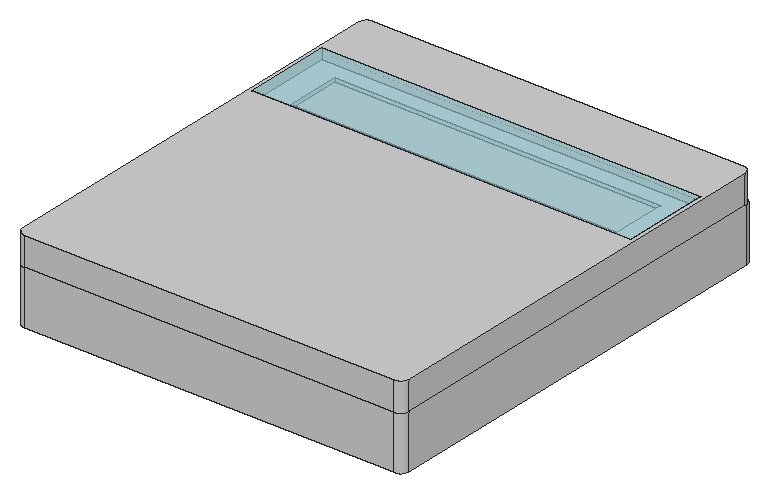
Revit family "Building-IEC309Boards-GEWISS-68QDIN-DISTRIBUTION-BOARD-20MOD_BLANK", category Apparecchi elettrici, host Superficie, Revit 2019
Family settings
  Host = Superficie
  Mantenere orientamento annotazione = Sì
  Quota connettore circolare = Usa diametro
  Tipo di parte = Normale
  Taglio con vuoti quando caricato = No
  Condiviso = No
  Punto di calcolo locali = Sì
Parameters (values of type "GW68012N - Q-DIN 20M BLIND COV. 560x450x135 IP65")
  visibilita posizionamento 2d [instance] = yes
  simbolo 2d [instance] = yes
  oggetto in pianta [instance] = not(visibilita posizionamento 2d)  # no
  distanza_simbolo [instance] = 0.1 mm
  bordo acceso [instance] = yes
  Visibilità sportello [instance] = yes
  Version type = "Empty"
  Version file RFA = "21.5"
  VETRO = Vetro
  URL = "https://www.gewiss.com/ww/en"
  Thermo-pressure with ball = "70 °C"
  Technical sheet = "https://www.gewiss.com/ww/en/search?q=GW68012N"
  Spostamento_effettivo_S [instance] = 4000 mm - Spostamento_S  # 3000 mm
  Spostamento_S = 1000 mm
  Simbolo_quadro [instance] = not(simbolo 2d)  # no
  Shock resistance = "IK09"
  STRUTTURA ALTA = Poche
  STRUTTURA = RAL - 7035
  SEO = "Board"
  Realized by GEWISS S.p.A. = ""
  Default Elevation = 1219.2 mm
  Produttore = "GEWISS S.p.A."
  PRESA = rosso
  POMELLO = bianco
  Operating temperature: = "-25 +40 °C"
  No. of provided blank lids = "-"
  No. of modules EN 50022 = "20"
  N_Moduli = 20 mm
  Modello = "GW68012N"
  L_Moduli = N_Moduli * 19  # 380 mm
  Insulation class = "II"
  Installation type = "Surface-mounting"
  Immagine tipo = GW68012N.jpg
  IP degree = "IP65"
  IDT = "91d94f96-0e3b-43d6-a2ed-d5af9a5ddb7e"
  IDF = "2b8a1711-d5c4-4269-b05b-5eb5a256160b"
  Houseable socket = "Blank lid"
  Glow Wire Test = "650°C"
  Electrocod = "2242"
  EAN code = "8011564744820"
  Dispersible power B (W) = "92"
  Dispersible power A (W) = "30"
  Descrizione = "Q-DIN 20M BLIND COV. 560x450x135 IP65"
  Colour = "Grey RAL 7035"
  Catalogue Range = "68 QDIN"
  Catalogue = "BUILDING"
  COBie.Tagnumber = ""
  COBie.CreatedOn = ""
  COBie.CreatebBy = ""
  COBie.ComponentRegisterItemID = ""
  COBie.Component.TagNumber = ""
  COBie.Component.Space = ""
  COBie.Component.SerialNumber = ""
  COBie.Component.InstallationDate = ""
  COBie.Component.Description = ""
  COBie.Component.BarCode = ""
  Accordance with Standards = "EN 60208 - EN 60670-1 - IEC 60670-24"
Reference planes
  plane 1 "Centro (Fronte/Retro)": y = 0
  plane 2: z = 0
  plane 3 "Centro (Sinistra/Destra)": x = 0
  plane 4: x = -3000
  plane 5: x = 0
Forms (mm)
  Extrusion 1, solid, detail levels coarse
    sketch origin (0, 0, 0) x (1, 0, 0) y (0, 1, 0)
      loop
        line (-225, 0) -> (225, 0) -> (225, 509) -> (-225, 509) -> (-225, 0)
    from 0 to 96
Lines and regions (mm)
  Masking region 1, visible <- "visibilita posizionamento 2d"
    outline origin (0, 0, 0) x (1, 0, 0) y (0, 0, 1)
      loop
        line (-225, 0) -> (223.1, 0) -> (223.1, 96) -> (-225, 96) -> (-225, 0)
Dimensions and locks
  plane 4 to plane 3 "Centro (Sinistra/Destra)" = 3000 mm
  "Spostamento_effettivo_S": plane 4 to plane 5
  plane 3 "Centro (Sinistra/Destra)" to Extrusion 1 = 225 mm
  aligned and locked: plane 2 to host face
  aligned and locked: level to host face
  aligned and locked: nested 1 to plane 5
  aligned and locked: nested 3 to plane 5
  aligned and locked: nested 2 to plane 5
  aligned and locked: plane 1 "Centro (Fronte/Retro)" to nested 2
  aligned and locked: plane 3 "Centro (Sinistra/Destra)" to nested 2
  aligned and locked: Masking region 1 to nested 2  (x2)
Automatic sketch dimensions
  host sketch curve to host sketch curve = 2438.4 mm  (x2)
  Masking region 1 sketch curve to level = 0 mm
  Masking region 1 sketch curve to plane 3 "Centro (Sinistra/Destra)" = 225 mm
  plane 3 "Centro (Sinistra/Destra)" to Masking region 1 sketch curve = 223.1 mm
  Masking region 1 sketch curve to Masking region 1 sketch curve = 96 mm
  plane 1 "Centro (Fronte/Retro)" to Extrusion 1 sketch curve = 0 mm
  Extrusion 1 sketch curve to plane 3 "Centro (Sinistra/Destra)" = 225 mm
  plane 3 "Centro (Sinistra/Destra)" to Extrusion 1 sketch curve = 225 mm
  Extrusion 1 sketch curve to Extrusion 1 sketch curve = 509 mm
Nested families
  nested 1: "CENTRALINO" at (0, 737.795, 0), BORDO ACCESO <- "bordo acceso", SIMBOLO ACCESO <- "simbolo 2d", Distanza dal muro <- "distanza_simbolo", visible <- "simbolo 2d", type "CENTRALINO"
    with SIMBOLO ACCESO yes, Distanza dal muro 0.1 mm, BORDO ACCESO yes
  nested 2: "68QDIN20 QUADRO DISTRIBUZ X 8 PRESE IND_BASE" at (0, 317, 0), Visibilita sportello <- "Visibilità sportello", type "68QDIN20 QUADRO DISTRIBUZ X 8 PRESE IND_BASE", detail levels medium+fine
  nested 3: "simb_CENTRALINO_BASE_cad pro" at (0, 737.795, 0), Distanza dal muro <- "distanza_simbolo", visible <- "Simbolo_quadro", SIMBOLO ACCESO <- "Simbolo_quadro", type "simb_CENTRALINO_BASE_cad pro"
    with SIMBOLO ACCESO no, Distanza dal muro 0.1 mm, BORDO ACCESO yes
Definition of nested family "68QDIN20 QUADRO DISTRIBUZ X 8 PRESE IND_BASE"
  Parameters (values of type "68QDIN20 QUADRO DISTRIBUZ X 8 PRESE IND_BASE")
    n_moduli = 380 mm
    h_moduli = 64 mm
    Visibilita sportello [instance] = yes
    Vetro = none
    Struttura = none
    Spessore = 96 mm
    Default Elevation = 14 mm
    Presa = none
    Larghezza = 450 mm
    IFC.TypeObject = ""
    IFC.ExportType = ""
    IFC.ExportAs = ""
    H_da terra = 589.057 mm
    COBie.CreatedOn = ""
    COBie.CreatebBy = ""
    COBie.ComponentRegisterItemID = ""
    COBie.Component.TagNumber = ""
    COBie.Component.Space = ""
    COBie.Component.SerialNumber = ""
    COBie.Component.InstallationDate = ""
    COBie.Component.Description = ""
    COBie.Component.BarCode = ""
    Altezza scatole = 350 mm
    Altezza quadro = 150 mm
    Altezza = 258 mm
  Reference planes
    plane 1 "Centro (Fronte/Retro)": y = 0
    plane 2: z = 0
    plane 3 "Centro (Sinistra/Destra)": x = 0
    plane 4: z = 69.589
    plane 5: z = 115.626
    plane 6: z = 63
    plane 7: x = -225
    plane 8: x = 225
    plane 9: x = -221
    plane 10: x = 221
    plane 11: y = 123.21
    plane 12: y = 21.246
    plane 13: y = 0
    plane 14: y = -146
    plane 15: y = -51
    plane 16: y = -317
    plane 17: y = 192
    plane 18: z = 58
    plane 19: y = 103
    plane 20: y = 39
    plane 21: z = 92.059
    plane 22: z = 96
    plane 23 "posizionamento moduli": z = 84.734
    plane 24: z = 80.558
    plane 25: y = 71
    plane 26: x = 223.1
    plane 27: y = -196.2
    plane 28: x = -206
    plane 29: x = 206
    plane 30: y = -291.2
    plane 31: x = -190
    plane 32: x = 190
  Forms (mm)
    Extrusion 1, solid, material <- "Struttura"
      sketch origin (0, -857.311, 0) x (1, 0, 0) y (0, 1, 0)
        loop
          arc (-215, 1049.311) -> (-222.071, 1046.382) -> (-225, 1039.311) r 10
          line (-225, 1039.311) -> (-225, 550.311)
          arc (-225, 550.311) -> (-222.071, 543.24) -> (-215, 540.311) r 10
          line (-215, 540.311) -> (215, 540.311)
          arc (215, 540.311) -> (222.071, 543.24) -> (225, 550.311) r 10
          line (225, 550.311) -> (225, 1039.311)
          arc (225, 1039.311) -> (222.071, 1046.382) -> (215, 1049.311) r 10
          line (215, 1049.311) -> (-215, 1049.311)
      from 63 to 96
    Extrusion 2, solid, material <- "Struttura"
      sketch origin (0, -857.311, 0) x (1, 0, 0) y (0, 1, 0)
        loop
          line (217.45, 1049.311) -> (-221.38, 1049.311)
          arc (-221.38, 1049.311) -> (-223.94, 1048.251) -> (-225, 1045.691) r 3.62
          line (-225, 1045.691) -> (-225, 550.311)
          arc (-225, 550.311) -> (-222.071, 543.24) -> (-215, 540.311) r 10
          line (-215, 540.311) -> (215, 540.311)
          arc (215, 540.311) -> (222.071, 543.24) -> (225, 550.311) r 10
          line (225, 550.311) -> (225, 1041.76)
          arc (225, 1041.76) -> (222.789, 1047.099) -> (217.45, 1049.311) r 7.55
      from 0 to 63
    Extrusion 3, void
      sketch origin (0, -857.311, 0) x (1, 0, 0) y (0, 1, 0)
        loop
          line (-221, 980.52) -> (-221, 878.557) -> (221, 878.557) -> (221, 980.52) -> (-221, 980.52)
      from 69.589 to 96
    Extrusion 4, solid, material <- "Vetro", visible <- "Visibilita sportello", detail levels fine
      sketch origin (0, -857.311, 0) x (1, 0, 0) y (0, 1, 0)
        loop
          line (-221, 980.52) -> (-221, 878.557) -> (221, 878.557) -> (221, 980.52) -> (-221, 980.52)
      from 92.059 to 96
    Extrusion 5, void
      sketch origin (0, 0, 0) x (1, 0, 0) y (0, 1, 0)
        loop
          line (-190, 39) -> (190, 39) -> (190, 103) -> (-190, 103) -> (-190, 39)
      from 80.558 to 84.734
    Extrusion 6, solid
      sketch origin (0, 0, 0) x (1, 0, 0) y (0, 1, 0)
        loop
          line (-221, 123.21) -> (-221, 21.246) -> (221, 21.246) -> (221, 123.21) -> (-221, 123.21)
      from 80.558 to 84.734
  Cuts and joins
    Extrusion 3 cuts Extrusion 1
    Extrusion 5 cuts Extrusion 6
    Extrusion 5 cuts Extrusion 4
  Lines and regions (mm)
    model lines
      curve 1: line (-177.5, 71, 84.734) -> (182.5, 71, 84.734)
  Dimensions and locks
    plane 4 to plane 5 = 46.036 mm
    locked: plane 7 to plane 9 at 4
    locked: plane 10 to plane 8 at 4
    equal spacing: plane 7, plane 3 "Centro (Sinistra/Destra)", plane 8
    "Larghezza": plane 7 to plane 8
    plane 13 to plane 15 = 51 mm
    plane 1 "Centro (Fronte/Retro)" to plane 17 = 192 mm
    plane 16 to plane 13 = 317 mm
    plane 12 to plane 1 "Centro (Fronte/Retro)" = 21.246 mm
    plane 11 to plane 17 = 68.79 mm
    locked: plane 6 to plane 18 at 5
    "h_moduli": plane 19 to plane 20
    locked: plane 22 to plane 21 at 3.941
    plane 6 to plane 2 = 63 mm
    locked: plane 21 to plane 23 "posizionamento moduli" at 7.325
    locked: plane 23 "posizionamento moduli" to plane 24 at 4.176
    equal spacing: plane 19, plane 25, plane 20
    locked: plane 26 to plane 8 at 1.9
    plane 15 to plane 14 = 95 mm
    plane 27 to plane 14 = 50.2 mm
    plane 7 to plane 8 = 450 mm
    plane 16 to plane 17 = 509 mm
    plane 27 to plane 30 = 95 mm
    equal spacing: plane 31, plane 3 "Centro (Sinistra/Destra)", plane 32
    "n_moduli": plane 31 to plane 32
    radius of Extrusion 2 sketch curve = 10 mm  (x2)
    radius of Extrusion 2 sketch curve = 3.62 mm
    radius of Extrusion 2 sketch curve = 7.55 mm
    radius of Extrusion 1 sketch curve = 10 mm  (x4)
    aligned and locked: level to plane 2
    aligned and locked: cut or joined group of Extrusion 1, Extrusion 3 to plane 4
    aligned and locked: plane 7 to Extrusion 2 sketch curve
    aligned and locked: plane 8 to Extrusion 2 sketch curve
    aligned and locked: plane 8 to Extrusion 1 sketch curve
    aligned and locked: plane 7 to Extrusion 1 sketch curve
    aligned and locked: Extrusion 4 sketch curve to plane 9
    aligned and locked: Extrusion 4 sketch curve to plane 10
    aligned and locked: Extrusion 3 sketch curve to plane 9
    aligned and locked: Extrusion 3 sketch curve to plane 10
    aligned and locked: Extrusion 4 sketch curve to plane 11
    aligned and locked: Extrusion 4 sketch curve to plane 12
    aligned and locked: Extrusion 3 sketch curve to plane 11
    aligned and locked: Extrusion 3 sketch curve to plane 12
    aligned and locked: plane 16 to Extrusion 2 sketch curve
    aligned and locked: plane 1 "Centro (Fronte/Retro)" to plane 13
    aligned and locked: plane 17 to Extrusion 1 sketch curve
    aligned and locked: Extrusion 5 sketch curve to plane 19
    aligned and locked: Extrusion 5 sketch curve to plane 20
    aligned and locked: plane 23 "posizionamento moduli" to Extrusion 5
    aligned and locked: Extrusion 5 to plane 24
    aligned and locked: Extrusion 6 sketch curve to plane 11
    aligned and locked: Extrusion 6 sketch curve to plane 12
    aligned and locked: Extrusion 6 to plane 24
    aligned and locked: plane 23 "posizionamento moduli" to Extrusion 6
    aligned and locked: Extrusion 6 sketch curve to Extrusion 4  (x2)
    aligned and locked: curve 1 to plane 25
    aligned and locked: plane 16 to Extrusion 1 sketch curve
    aligned and locked: Extrusion 2 sketch curve to plane 17
    aligned and locked: Extrusion 5 sketch curve to plane 31
    aligned and locked: Extrusion 5 sketch curve to plane 32
  Automatic sketch dimensions
    curve 1 to plane 31 = 12.5 mm
    plane 32 to curve 1 = 7.5 mm
Definition of nested family "CENTRALINO"
  Parameters (values of type "CENTRALINO")
    SIMBOLO ACCESO [instance] = yes
    Distanza dal muro [instance] = 0 mm
    BORDO ACCESO [instance] = yes
  Reference planes
    plane 1: y = 0
    plane 2: x = 0
  Dimensions and locks
    "Distanza dal muro": plane 1 to nested 1
    aligned and locked: plane 2 to nested 1
  Nested families
    nested 1: "CENTRALINO_BASE" at (0, 0, 0), BORDO ACCESO <- "BORDO ACCESO", visible <- "SIMBOLO ACCESO", type "CENTRALINO"
      with BORDO ACCESO yes
  Definition of nested family "CENTRALINO_BASE"
    Parameters (values of type "CENTRALINO")
      Distanza dal muro = 0 mm
      BORDO ACCESO [instance] = yes
    Reference planes
      plane 1: y = 0
      plane 2: x = 0
    Lines and regions (mm)
      detail lines, visible <- "BORDO ACCESO", not visible
        curve 1: line (-2.443, 10.208, 0) -> (2.057, 10.208, 0)
        curve 2: line (2.057, 10.208, 0) -> (2.057, 4.208, 0)
        curve 3: line (2.057, 4.208, 0) -> (-2.443, 4.208, 0)
        curve 4: line (-2.443, 4.208, 0) -> (-2.443, 10.208, 0)
        curve 5: line (-2.043, 9.808, 0) -> (1.657, 9.808, 0)
        curve 6: line (1.657, 9.808, 0) -> (1.657, 4.608, 0)
        curve 7: line (1.657, 4.608, 0) -> (-2.043, 4.608, 0)
        curve 8: line (-2.043, 4.608, 0) -> (-2.043, 9.808, 0)
      detail lines
        curve 9: line (0, 0.671, 0) -> (0, 0, 0)
        curve 10: line (0.659, 0.671, 0) -> (0.659, 1.33, 0)
        curve 11: line (0.659, 1.33, 0) -> (-0.659, 1.33, 0)
        curve 12: line (-0.659, 1.33, 0) -> (-0.659, 0.671, 0)
        curve 13: line (-0.659, 0.671, 0) -> (0.659, 0.671, 0)
        curve 14: line (0.497, 1.33, 0) -> (0.497, 2, 0)
        curve 15: line (0.167, 1.33, 0) -> (0.167, 2, 0)
        curve 16: line (-0.162, 1.33, 0) -> (-0.162, 2, 0)
        curve 17: line (-0.491, 1.33, 0) -> (-0.491, 2, 0)
Definition of nested family "simb_CENTRALINO_BASE_cad pro"
  Parameters (values of type "simb_CENTRALINO_BASE_cad pro")
    SIMBOLO ACCESO [instance] = yes
    Distanza dal muro [instance] = 0 mm
    BORDO ACCESO [instance] = yes
  Reference planes
    plane 1: y = 0
    plane 2: x = 0
  Dimensions and locks
    "Distanza dal muro": plane 1 to nested 1
    aligned and locked: plane 2 to nested 1
  Nested families
    nested 1: "CENTRALINO_BASE_cad pro" at (0, 0, 0), type "CENTRALINO"
  Definition of nested family "CENTRALINO_BASE_cad pro"
    Parameters (values of type "CENTRALINO")
      Distanza dal muro = 0 mm
    Reference planes
      plane 1: y = 0
      plane 2: x = 0
    Lines and regions (mm)
      detail lines
        curve 1: line (1.33, 1.33, 0) -> (2.109, 1.33, 0)
        curve 2: line (2.109, 1.33, 0) -> (2.109, 0, 0)
        curve 3: line (2.109, 0, 0) -> (1.33, 0, 0)
        curve 4: line (1.33, 0, 0) -> (-1.33, 1.33, 0)
        curve 5: line (-1.33, 1.33, 0) -> (1.33, 1.33, 0)
        curve 6: line (1.33, 1.33, 0) -> (1.33, 0, 0)
        curve 7: line (1.33, 0, 0) -> (-1.33, 0, 0)
        curve 8: line (-1.33, 0, 0) -> (-1.33, 1.33, 0)
        curve 9: line (1.461, 0.665, 0) -> (1.977, 0.665, 0)
        curve 10: line (1.719, 0.665, 0) -> (1.719, 1.01, 0)
        curve 11: arc (1.977, 0.406, 0) -> (1.719, 0.665, 0) -> (1.461, 0.406, 0) r 0.258
